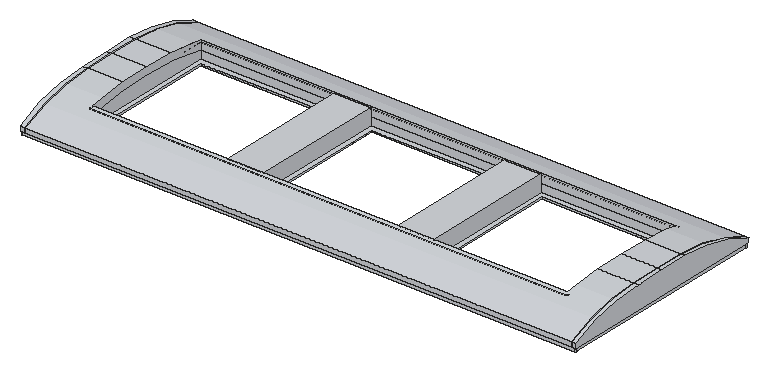
Revit family "Gira_021313", category Electrical Fixtures, host Face, Revit 2017
Family settings
  Host = Face
  Maintain Annotation Orientation = No
  Round Connector Dimension = Use Diameter
  Part Type = Normal
  Cut with Voids When Loaded = No
  Shared = No
  Room Calculation Point = No
Parameters (values of type "Cov.fr. 3-g interm.fr. AN Gira Event Opaque dark brown")
  With mounting grid = "No"
  With hinged lid = "No"
  URL = "http://katalog.gira.de/en/datenblatt.html?artikelnr=021313"
  Type of fastening = "Clamp mounting"
  Transparent = "No"
  Surface protection = "Other"
  Suitable for wall duct = "No"
  Suitable for flush-mounted installation = "Yes"
  Suitable for floor box = "No"
  Suitable for built-in installation = "No"
  Number of units vertical = "3"
  Number of units horizontal = "3"
  Number of units = "3"
  Name = "Cov.fr. 3-g interm.fr. AN Gira Event Opaque dark brown"
  Mounting direction = "Horizontal and vertical"
  Material quality = "Thermoplastic"
  Material = "Plastic"
  Manufacturer URL = "https://www.gira.de/"
  Manufacturer = "Gira"
  Label space/information surface = "No"
  Keynote = ""
  HeinzeBIM = "https://bimportal.heinze.de/bim/cov-fr-3-g-interm-fr-an-gira-event-opaque-dark-brown/63527ff86164c419d96cd22721b1c20e2b7c5768"
  Halogen free = "Yes"
  HAN = "021313"
  GTIN = "4010337003113"
  Description = "Cov.fr.3g i.fr.AN EvOp DBN,Gira Event Opaque frames,dark brown with anthracite intermediate frame,3-gang,Features:,- Shatter-proof."
  Degree of protection (IP) = "IP20"
  Default Elevation = 1219.2 mm
  Data sheet (1) = "https://katalog.gira.de/en/download.html?artikelnr=021313"
  Colour = "Brown"
  Category = "Cover frame for domestic switching devices"
  BIM (1) = "https://media.stage.bim.site/public/gira/36a6b08/Event_Rahmen_3fach.rfa"
  Available = "No"
Reference planes
  plane 1 "Center (Front/Back)": y = 0
  plane 2: z = 0
  plane 3 "Center (Left/Right)": x = 0
Forms (mm)
  Extrusion 1, solid, detail levels fine
    sketch origin (0, 0, 0.05) x (0, 1, 0) y (0, 0, 1)
      loop
        arc (12.445, 9.683) -> (6.223, 9.833) -> (0, 9.85) r 291.636
        arc (0, 9.85) -> (-6.223, 9.833) -> (-12.445, 9.683) r 291.636
        arc (-12.445, 9.683) -> (-29.14, 7.482) -> (-45, 1.823) r 79.728
        line (-45, 1.823) -> (-45, -0.05) -> (-42.086, -0.05)
        arc (-42.086, -0.05) -> (-21.385, 5.559) -> (0, 7.206) r 114.424
        arc (0, 7.206) -> (21.385, 5.559) -> (42.086, -0.05) r 114.424
        line (42.086, -0.05) -> (45, -0.05) -> (45, 1.823)
        arc (45, 1.823) -> (29.14, 7.482) -> (12.445, 9.683) r 79.728
    from -114.3 to 114.3
  Extrusion 2, void, detail levels fine
    sketch origin (0, 0, 0) x (1, 0, 0) y (0, 1, 0)
      loop
        line (-99.355, -28.053) -> (99.355, -28.053) -> (99.355, 28.053) -> (-99.355, 28.053) -> (-99.355, -28.053)
    from 0.724 to 11
  Extrusion 3, solid, detail levels coarse
    sketch origin (0, 0, 0) x (1, 0, 0) y (0, 1, 0)
      loop
        line (-116.3, 45) -> (-116.3, -45) -> (116.3, -45) -> (116.3, 45) -> (-116.3, 45)
    from -1.5 to 9.9
  Extrusion 4, solid, detail levels medium
    sketch origin (0, 0, 0.05) x (0, 1, 0) y (0, 0, 1)
      loop
        arc (12.445, 9.683) -> (6.223, 9.833) -> (0, 9.85) r 291.636
        arc (0, 9.85) -> (-6.223, 9.833) -> (-12.445, 9.683) r 291.636
        arc (-12.445, 9.683) -> (-29.14, 7.482) -> (-45, 1.823) r 79.728
        line (-45, 1.823) -> (-45, -0.05) -> (45, -0.05) -> (45, 1.823)
        arc (45, 1.823) -> (29.14, 7.482) -> (12.445, 9.683) r 79.728
    from -116.3 to 116.3
  Extrusion 5, solid, detail levels fine
    sketch origin (-71.3, 0, -1.5) x (0, 1, 0) y (0, 0, -1)
      loop
        line (45, -3.373) -> (45, -1.5) -> (-45, -1.5) -> (-45, -3.373)
        arc (-45, -3.373) -> (-29.14, -9.032) -> (-12.445, -11.233) r 79.728
        arc (-12.445, -11.233) -> (-6.223, -11.383) -> (0, -11.4) r 291.636
        arc (0, -11.4) -> (6.223, -11.383) -> (12.445, -11.233) r 291.636
        arc (12.445, -11.233) -> (29.14, -9.032) -> (45, -3.373) r 79.728
    from 43 to 45
  Extrusion 6, solid, detail levels fine
    sketch origin (0, 0, 0) x (1, 0, 0) y (0, 1, 0)
      loop
        line (-97.195, 25.7) -> (-97.195, -25.7) -> (-45.395, -25.7) -> (-45.395, 25.7) -> (-97.195, 25.7)
      loop
        line (25.9, -25.7) -> (25.9, 25.7) -> (-25.9, 25.7) -> (-25.9, -25.7) -> (25.9, -25.7)
      loop
        line (-100.19, 28.49) -> (-100.19, -28.495)
        spline (-100.19, -28.495) -> (-100.181, -28.625) -> (-100.156, -28.754) -> (-100.113, -28.878) -> (-100.056, -28.995) -> (-99.983, -29.104) -> (-99.897, -29.202) -> (-99.798, -29.288) -> (-99.69, -29.361) -> (-99.572, -29.419) -> (-99.448, -29.461) -> (-99.32, -29.486) -> (-99.19, -29.495)
        line (-99.19, -29.495) -> (99.195, -29.495)
        spline (99.195, -29.495) -> (99.325, -29.486) -> (99.454, -29.461) -> (99.578, -29.419) -> (99.695, -29.361) -> (99.804, -29.288) -> (99.902, -29.202) -> (99.988, -29.104) -> (100.061, -28.995) -> (100.119, -28.878) -> (100.161, -28.754) -> (100.186, -28.625) -> (100.195, -28.495)
        line (100.195, -28.495) -> (100.195, 28.49)
        spline (100.195, 28.49) -> (100.186, 28.62) -> (100.161, 28.748) -> (100.119, 28.872) -> (100.061, 28.99) -> (99.988, 29.098) -> (99.902, 29.197) -> (99.804, 29.283) -> (99.695, 29.356) -> (99.578, 29.413) -> (99.454, 29.456) -> (99.325, 29.481) -> (99.195, 29.49)
        line (99.195, 29.49) -> (-99.19, 29.49)
        spline (-99.19, 29.49) -> (-99.32, 29.481) -> (-99.448, 29.456) -> (-99.572, 29.413) -> (-99.69, 29.356) -> (-99.798, 29.283) -> (-99.897, 29.197) -> (-99.983, 29.098) -> (-100.056, 28.99) -> (-100.113, 28.872) -> (-100.156, 28.748) -> (-100.181, 28.62) -> (-100.19, 28.49)
      loop
        line (97.2, -25.7) -> (97.2, 25.7) -> (45.4, 25.7) -> (45.4, -25.7) -> (97.2, -25.7)
    from 0.1 to 7.3
  Extrusion 7, solid
    sketch origin (0, 0, 0) x (1, 0, 0) y (0, 1, 0)
      loop
        arc (-116, -44.2) -> (-115.854, -44.554) -> (-115.5, -44.7) r 0.5
        line (-115.5, -44.7) -> (115.5, -44.7)
        arc (115.5, -44.7) -> (115.854, -44.554) -> (116, -44.2) r 0.5
        line (116, -44.2) -> (116, 44.2)
        arc (116, 44.2) -> (115.854, 44.554) -> (115.5, 44.7) r 0.5
        line (115.5, 44.7) -> (-115.5, 44.7)
        arc (-115.5, 44.7) -> (-115.854, 44.554) -> (-116, 44.2) r 0.5
        line (-116, 44.2) -> (-116, -44.2)
      loop
        line (-114.3, 43) -> (-114.3, -43) -> (114.3, -43) -> (114.3, 43) -> (-114.3, 43)
    from -1.5 to 0.5
  Extrusion 8, solid, detail levels fine
    sketch origin (71.3, 0, -1.5) x (0, 1, 0) y (0, 0, 1)
      loop
        arc (45, 3.373) -> (29.14, 9.032) -> (12.445, 11.233) r 79.728
        arc (12.445, 11.233) -> (6.223, 11.383) -> (0, 11.4) r 291.636
        arc (0, 11.4) -> (-6.223, 11.383) -> (-12.445, 11.233) r 291.636
        arc (-12.445, 11.233) -> (-29.14, 9.032) -> (-45, 3.373) r 79.728
        line (-45, 3.373) -> (-45, 1.5) -> (45, 1.5) -> (45, 3.373)
    from 43 to 45
  Extrusion 9, solid, detail levels medium
    sketch origin (0, 0, 0) x (1, 0, 0) y (0, 1, 0)
      loop
        line (-116, -44.7) -> (116, -44.7) -> (116, 44.7) -> (-116, 44.7) -> (-116, -44.7)
    from -1.5 to 0.5
  Extrusion 10, solid, detail levels fine
    sketch origin (-34.207, 0, 0) x (1, 0, 0) y (0, 1, 0)
      loop
        line (-8.943, 28.063) -> (-8.943, -27.937) -> (6.057, -27.937) -> (6.057, 28.063) -> (-8.943, 28.063)
    from 0.724 to 7.566
  Extrusion 11, solid, detail levels fine
    sketch origin (34.207, 0, 0) x (-1, 0, 0) y (0, -1, 0)
      loop
        line (-8.943, -28.063) -> (6.057, -28.063) -> (6.057, 27.937) -> (-8.943, 27.937) -> (-8.943, -28.063)
    from 0.724 to 7.566
Cuts and joins
  Extrusion 2 cuts Extrusion 1
  Extrusion 2 cuts Extrusion 6
Dimensions and locks
  aligned and locked: plane 2 to host face
  aligned and locked: level to host face
